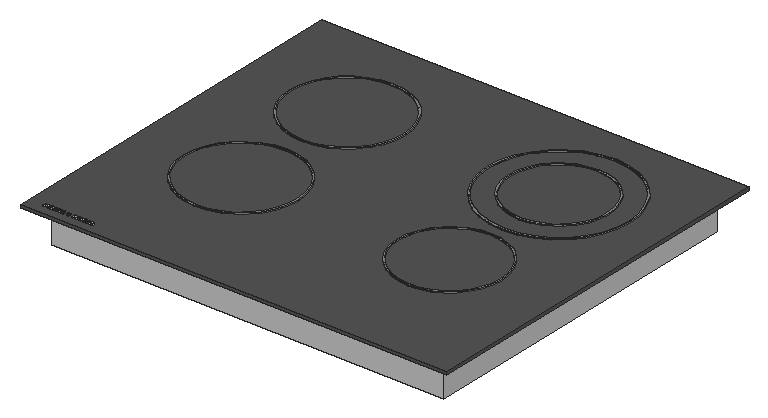
Revit family "FP_Revit_18_CE604DTB1_Cooktop_90000826A", category Specialty Equipment, Revit 2018
Family settings
  Round Connector Dimension = Use Diameter
  Part Type = Normal
  OmniClass Number = 23.40.40.14.17.11
  OmniClass Title = Cookers, Ovens, Stoves
  Work Plane-Based = No
  Always vertical = Yes
  Cut with Voids When Loaded = Yes
  Shared = No
  Room Calculation Point = No
Parameters
  Visibility - Clearance Required = yes
  URL = "www.fisherpaykel.com"
  Product - Width = 600 mm  # constant formula
  Product - Height = 63 mm  # constant formula
  Product - Depth = 530 mm  # constant formula
  Model = "CE604DTB1"
  Material - Graphics = Fisher & Paykel - Graphics Grey
  Material - Cooktop = Fisher & Paykel - Glass, Black
  Material - Body = Fisher & Paykel - Grey
  Manufacturer = "Fisher & Paykel Appliances"
  FFL Offset [instance] = 900 mm
  Description = "60cm Electric Cooktop"
  Connector Note - Electrical = "220-240/380-415 V, 2 Phase, 50 Hz, 28 A"
  Clearance - Side Combustible = 85 mm  # constant formula
  Clearance - Rear Combustible = 55 mm  # constant formula
  Clearance - Overhead Rangehood = 650 mm  # constant formula
  Clearance - Below Combustible = 68 mm  # constant formula
  Chassis - Width = 552 mm  # constant formula
  Chassis - Height = 48 mm  # constant formula
  Chassis - Depth = 480 mm  # constant formula
  Cavity - Width = 560 mm  # constant formula
  Cavity - Height = 58 mm  # constant formula
  Cavity - Depth = 490 mm  # constant formula
Reference planes
  plane 1 "Datum": y = 0
  plane 2: z = 0
  plane 3 "Center (Left/Right)": x = 0
  plane 4 "Product LHS": x = -300
  plane 5 "Product RHS": x = 300
  plane 6 "Product - Depth": y = 530
  plane 7 "Cavity LHS": x = -280
  plane 8 "Cavity RHS": x = 280
  plane 9 "Chassis - Front": y = 25
  plane 10 "Cavity - Front": y = 20
  plane 11 "Cavity - Depth": y = 510
  plane 12 "Chassis - Depth": y = 505
  plane 13 "Cavity - Height": z = 842
  plane 14 "Basepan": z = 852
  plane 15 "Glass": z = 905
  plane 16 "Benchtop": z = 900
Forms (mm)
  Extrusion 1, solid, material "Fisher & Paykel - Glass, Black" <- "Material - Cooktop"
    sketch origin (0, 0, 0) x (0, 1, 0) y (0, 0, 1)
      loop
        line (0, 905) -> (0, 901) -> (530, 901) -> (530, 905) -> (0, 905)
    from -300 to 300
  Extrusion 2, solid, material "Fisher & Paykel - Clearance Required (Cutout)", visible <- "Visibility - Clearance Required", detail levels coarse
    sketch origin (0, 0, 0) x (1, 0, 0) y (0, 1, 0)
      loop
        line (-280, 510) -> (-280, 22.5) -> (280, 22.5) -> (280, 510) -> (-280, 510)
    from 842 to 900
  Extrusion 3, solid, material "Fisher & Paykel - Clearance Required (Combustible)", visible <- "Visibility - Clearance Required", detail levels coarse
    sketch origin (0, 0, 0) x (1, 0, 0) y (0, 1, 0)
      loop
        line (300, 0) -> (365, 0) -> (365, 538.387) -> (-365, 538.387) -> (-365, 0) -> (-300, 0) -> (-300, 530) -> (300, 530) -> (300, 0)
    from 905 to 1355
  Extrusion 4, solid, material "Fisher & Paykel - Clearance Required (Non-Combustible)", visible <- "Visibility - Clearance Required", detail levels coarse
    sketch origin (0, 0, 0) x (1, 0, 0) y (0, 1, 0)
      loop
        line (-300, 0) -> (300, 0) -> (300, 530) -> (-300, 530) -> (-300, 0)
    from 905 to 1550
  Extrusion 5, solid, material "Fisher & Paykel - Grey" <- "Material - Body"
    sketch origin (0, 0, 0) x (0, 1, 0) y (0, 0, 1)
      loop
        line (25, 852) -> (505, 852) -> (505, 900) -> (25, 900) -> (25, 852)
    from -276 to 276
  Extrusion 6, solid, material "Fisher & Paykel - Grey" <- "Material - Body"
    sketch origin (0, 0, 0) x (1, 0, 0) y (0, 1, 0)
      loop
        line (-290.5, 524.5) -> (-290.5, 5.5) -> (290.5, 5.5) -> (290.5, 524.5) -> (-290.5, 524.5)
    from 900 to 901
  Extrusion 7, solid, material "Fisher & Paykel - Graphics Grey" <- "Material - Graphics", detail levels fine
    sketch origin (0, 0, 0) x (1, 0, 0) y (0, 1, 0)
      loop
        circle (145.719, 198.02) r 73.269
      loop
        circle (145.719, 198.02) r 71.492
      loop
        circle (148.151, 386.629) r 99.946
      loop
        circle (148.151, 386.629) r 97.887
      loop
        circle (148.151, 386.629) r 68.003
      loop
        circle (148.151, 386.629) r 70.147
      loop
        circle (-148.151, 385.013) r 79
      loop
        circle (-148.151, 385.013) r 80.775
      loop
        circle (-148.139, 198.01) r 80.784
      loop
        circle (-148.139, 198.01) r 79
    from 905 to 906
  Extrusion 8, solid, material "Fisher & Paykel - Grey" <- "Material - Body"
    sketch origin (0, 0, 0) x (1, 0, 0) y (0, 1, 0)
      loop
        line (-10.386, 342.521) -> (59.614, 342.521) -> (59.614, 392.521) -> (-10.386, 392.521) -> (-10.386, 342.521)
    from 842 to 852
  Extrusion 9, void
    sketch origin (0, 0, 0) x (0, 1, 0) y (0, 0, 1)
      loop
        circle (367.521, 847) r 4
    from -10.386 to 10
  Extrusion 10, solid, material "Fisher & Paykel - Clearance Required (Cutout)", visible <- "Visibility - Clearance Required", detail levels coarse
    sketch origin (0, 0, 0) x (1, 0, 0) y (0, 1, 0)
      loop
        line (-280, 510) -> (-280, 22.5) -> (280, 22.5) -> (280, 510) -> (-280, 510)
    from 837 to 842
  Extrusion 11, void
    sketch origin (0, 0, 0) x (1, 0, 0) y (0, 1, 0)
      loop
        line (-280, 510) -> (-280, 22.5) -> (280, 22.5) -> (280, 510) -> (-280, 510)
    from 837 to 900
Cuts and joins
  Extrusion 9 cuts Extrusion 2
  Extrusion 9 cuts Extrusion 8
Text (mm)
  text "Due to ongoing product development, product details are subject to change without notice. \nPlease always refer to www.fisherpaykel.com for the most current product information. \n© Fisher & Paykel 2020" at (41.04, -387.478, 0), in view "Ref. Level (Plan)"
Dimensions and locks
  equal spacing: plane 4 "Product LHS", plane 3 "Center (Left/Right)", plane 5 "Product RHS"
  equal spacing: plane 7 "Cavity LHS", plane 3 "Center (Left/Right)", plane 8 "Cavity RHS"
  "Product - Depth": Extrusion 1 to plane 1 "Datum"
  equal spacing: Extrusion 5, plane 3 "Center (Left/Right)", Extrusion 5
  "Clearance - Side Combustible": plane 8 "Cavity RHS" to Extrusion 3
  "Clearance - Side Combustible": Extrusion 3 to plane 7 "Cavity LHS"
  equal spacing: Extrusion 6 sketch curve, plane 3 "Center (Left/Right)", Extrusion 6 sketch curve
  plane 4 "Product LHS" to Extrusion 6 sketch curve = 9.5 mm
  "Product - Width": plane 4 "Product LHS" to plane 5 "Product RHS"
  "Cavity - Width": plane 7 "Cavity LHS" to plane 8 "Cavity RHS"
  "Chassis - Width": Extrusion 5 to Extrusion 5
  "Cavity - Depth": plane 11 "Cavity - Depth" to plane 10 "Cavity - Front"
  "Chassis - Depth": plane 12 "Chassis - Depth" to plane 9 "Chassis - Front"
  plane 1 "Datum" to Extrusion 5 = 25 mm
  plane 6 "Product - Depth" to plane 12 "Chassis - Depth" = 25 mm
  plane 10 "Cavity - Front" to plane 9 "Chassis - Front" = 5 mm
  plane 11 "Cavity - Depth" to plane 12 "Chassis - Depth" = 5 mm
  "Chassis - Height": plane 16 "Benchtop" to plane 14 "Basepan"
  plane 15 "Glass" to plane 16 "Benchtop" = 5 mm
  "Cavity - Height": plane 16 "Benchtop" to plane 13 "Cavity - Height"
  "FFL Offset": plane 16 "Benchtop" to level
  locked: Extrusion 3 to plane 15 "Glass" at 450
  "Clearance - Overhead Rangehood": Extrusion 4 to plane 16 "Benchtop"
  Extrusion 9 sketch curve to Extrusion 5 = 5 mm
  locked: plane 15 "Glass" to Extrusion 1 sketch curve at 4
  locked: Extrusion 7 to plane 15 "Glass" at 1
  locked: nested 1 to plane 15 "Glass" at 0.8
  "Clearance - Below Combustible": Extrusion 10 to plane 15 "Glass"
  aligned and locked: level to plane 2
  aligned and locked: Extrusion 1 to plane 5 "Product RHS"
  aligned and locked: plane 4 "Product LHS" to Extrusion 1
  aligned and locked: Extrusion 3 sketch curve to plane 5 "Product RHS"
  aligned and locked: plane 11 "Cavity - Depth" to Extrusion 2
  aligned and locked: Extrusion 2 to plane 13 "Cavity - Height"
  aligned and locked: Extrusion 8 to Extrusion 5
  aligned and locked: Extrusion 4 to plane 15 "Glass"
  aligned and locked: Extrusion 3 to Extrusion 4
  aligned and locked: plane 16 "Benchtop" to Extrusion 2
  aligned and locked: cut or joined group of Extrusion 2, Extrusion 9 to Extrusion 5
  aligned and locked: Extrusion 5 to plane 14 "Basepan"
  aligned and locked: Extrusion 8 to plane 13 "Cavity - Height"
  aligned and locked: Extrusion 1 sketch curve to plane 15 "Glass"
  aligned and locked: Extrusion 6 to Extrusion 5
  aligned and locked: Extrusion 6 to Extrusion 1
  aligned and locked: Extrusion 7 to Extrusion 1
  aligned and locked: plane 13 "Cavity - Height" to Extrusion 10
  aligned and locked: Extrusion 11 to Extrusion 5
  aligned and locked: Extrusion 11 to Extrusion 10
Automatic sketch dimensions
  Extrusion 1 sketch curve to plane 1 "Datum" = 0 mm
  Extrusion 1 sketch curve to plane 6 "Product - Depth" = 0 mm
  Extrusion 2 sketch curve to plane 11 "Cavity - Depth" = 0 mm
  plane 7 "Cavity LHS" to Extrusion 2 sketch curve = 0 mm
  Extrusion 2 sketch curve to plane 8 "Cavity RHS" = 0 mm
  plane 9 "Chassis - Front" to Extrusion 2 sketch curve = 2.5 mm
  plane 1 "Datum" to Extrusion 3 sketch curve = 0 mm  (x2)
  Extrusion 3 sketch curve to plane 4 "Product LHS" = 0 mm
  Extrusion 3 sketch curve to plane 6 "Product - Depth" = 0 mm
  plane 6 "Product - Depth" to Extrusion 3 sketch curve = 8.387 mm
  plane 4 "Product LHS" to Extrusion 3 sketch curve = 65 mm
  Extrusion 3 sketch curve to plane 5 "Product RHS" = 65 mm
  Extrusion 4 sketch curve to plane 4 "Product LHS" = 0 mm
  Extrusion 4 sketch curve to plane 5 "Product RHS" = 0 mm
  plane 1 "Datum" to Extrusion 4 sketch curve = 0 mm
  Extrusion 4 sketch curve to plane 6 "Product - Depth" = 0 mm
  Extrusion 5 sketch curve to plane 9 "Chassis - Front" = 0 mm
  Extrusion 5 sketch curve to plane 12 "Chassis - Depth" = 0 mm
  Extrusion 5 sketch curve to plane 14 "Basepan" = 0 mm
  Extrusion 5 sketch curve to plane 16 "Benchtop" = 0 mm
  Extrusion 6 sketch curve to plane 1 "Datum" = 5.5 mm
  Extrusion 6 sketch curve to plane 6 "Product - Depth" = 5.5 mm
  Extrusion 8 sketch curve to plane 3 "Center (Left/Right)" = 10.386 mm
  plane 3 "Center (Left/Right)" to Extrusion 8 sketch curve = 59.614 mm
  Extrusion 8 sketch curve to plane 12 "Chassis - Depth" = 162.479 mm
  Extrusion 8 sketch curve to Extrusion 8 sketch curve = 50 mm
  Extrusion 9 sketch curve to plane 12 "Chassis - Depth" = 137.479 mm
  Extrusion 10 sketch curve to plane 11 "Cavity - Depth" = 0 mm
  plane 7 "Cavity LHS" to Extrusion 10 sketch curve = 0 mm
  Extrusion 10 sketch curve to plane 8 "Cavity RHS" = 0 mm
  plane 9 "Chassis - Front" to Extrusion 10 sketch curve = 2.5 mm
  Extrusion 11 sketch curve to plane 11 "Cavity - Depth" = 0 mm
  plane 7 "Cavity LHS" to Extrusion 11 sketch curve = 0 mm
  Extrusion 11 sketch curve to plane 8 "Cavity RHS" = 0 mm
  plane 9 "Chassis - Front" to Extrusion 11 sketch curve = 2.5 mm
  Extrusion 7 sketch curve to Extrusion 7 sketch curve = 0 mm  (x12)
  Extrusion 7 sketch curve to plane 3 "Center (Left/Right)" = 148.151 mm
  Extrusion 7 sketch curve to plane 3 "Center (Left/Right)" = 148.139 mm
  plane 8 "Cavity RHS" to Extrusion 7 sketch curve = 134.281 mm
  plane 8 "Cavity RHS" to Extrusion 7 sketch curve = 131.849 mm
  Extrusion 7 sketch curve to plane 9 "Chassis - Front" = 173.01 mm
  Extrusion 7 sketch curve to plane 9 "Chassis - Front" = 173.02 mm
  Extrusion 7 sketch curve to plane 12 "Chassis - Depth" = 118.371 mm
  Extrusion 7 sketch curve to plane 12 "Chassis - Depth" = 119.987 mm
  radius of Extrusion 9 sketch curve = 4 mm
  radius of Extrusion 7 sketch curve = 73.269 mm
  radius of Extrusion 7 sketch curve = 71.492 mm
  radius of Extrusion 7 sketch curve = 99.946 mm
  radius of Extrusion 7 sketch curve = 97.887 mm
  radius of Extrusion 7 sketch curve = 70.147 mm
  radius of Extrusion 7 sketch curve = 80.775 mm
  radius of Extrusion 7 sketch curve = 80.784 mm
  radius of Extrusion 7 sketch curve = 79 mm  (x2)
  radius of Extrusion 7 sketch curve = 68.003 mm
Nested families
  nested 1: "F&P Logo 70mm Horizontal" at (-244.001, 14.253, 905), type "F&P Logo 70mm Horizontal"
Connectors
  electrical at (-10.386, 367.521, 847), driven by "Connector Note - Electrical"
    settings: on cut or joined group of Extrusion 2, Extrusion 9, index 1, voltage 230 V, apparent load 0 VA, apparent load phase1 0 VA, apparent load phase2 0 VA, apparent load phase3 0 VA, power factor 1, load classification "Other", number of poles 1, system type 30, power factor state 1, is connector primary yes, connector utility no, sub classification motor no, connector description "220-240/380-415 V, 2 Phase, 50 Hz, 28 A"
Definition of nested family "F&P Logo 70mm Horizontal"
  Parameters (values of type "F&P Logo 70mm Horizontal")
    URL = "www.fisherpaykel.com"
    Material - Logo = none
    Manufacturer = "Fisher & Paykel Appliances"
  Reference planes
    plane 1 "Center (Front/Back)": y = 0
    plane 2: z = 0
    plane 3 "Center (Left/Right)": x = 0
  Forms (mm)
    Extrusion 1, solid, material <- "Material - Logo", detail levels fine
      sketch origin (0, 0, 0) x (1, 0, 0) y (0, 1, 0)
        loop
          line (-34.997, -0.356) -> (-33.895, -0.356) -> (-33.895, 1.141) -> (-32.174, 1.141) -> (-32.174, 2.075) -> (-33.895, 2.075) -> (-33.895, 2.943) -> (-32.023, 2.943) -> (-32.023, 3.872) -> (-34.997, 3.872) -> (-34.997, -0.356)
        loop
          line (-29.929, 3.872) -> (-29.929, -0.356) -> (-28.828, -0.356) -> (-28.828, 3.872) -> (-29.929, 3.872)
        loop
          line (-21.473, 3.872) -> (-21.473, -0.356) -> (-20.372, -0.356) -> (-20.372, 1.338) -> (-18.754, 1.338) -> (-18.754, -0.356) -> (-17.652, -0.356) -> (-17.652, 3.872) -> (-18.754, 3.872) -> (-18.754, 2.268) -> (-20.372, 2.268) -> (-20.372, 3.872) -> (-21.473, 3.872)
        loop
          line (-15.301, 3.872) -> (-15.301, -0.356) -> (-12.288, -0.356) -> (-12.288, 0.444) -> (-14.209, 0.444) -> (-14.209, 1.338) -> (-12.453, 1.338) -> (-12.453, 2.268) -> (-14.209, 2.268) -> (-14.209, 3.072) -> (-12.288, 3.072) -> (-12.288, 3.872) -> (-15.301, 3.872)
        loop
          line (32, 3.872) -> (32, -0.356) -> (35.003, -0.356) -> (35.003, 0.574) -> (33.102, 0.574) -> (33.102, 3.872) -> (32, 3.872)
        loop
          line (29.735, 3.872) -> (26.712, 3.872) -> (26.712, -0.356) -> (29.735, -0.356) -> (29.735, 0.444) -> (27.814, 0.444) -> (27.814, 1.338) -> (29.57, 1.338) -> (29.57, 2.268) -> (27.814, 2.268) -> (27.814, 3.072) -> (29.735, 3.072) -> (29.735, 3.872)
        loop
          line (23.449, 1.848) -> (25.012, 3.872) -> (23.724, 3.872) -> (22.374, 2.124) -> (22.374, 3.872) -> (21.273, 3.872) -> (21.273, -0.356) -> (22.374, -0.356) -> (22.374, 1.538) -> (23.765, -0.356) -> (25.067, -0.356) -> (23.449, 1.848)
        loop
          line (15.42, 3.872) -> (17.017, 1.338) -> (17.017, -0.356) -> (18.119, -0.356) -> (18.119, 1.283) -> (19.717, 3.872) -> (18.546, 3.872) -> (17.603, 2.239) -> (16.66, 3.872) -> (15.42, 3.872)
        loop
          line (12.969, 3.872) -> (11.922, 3.872) -> (10.2, -0.356) -> (11.282, -0.356) -> (11.585, 0.422) -> (13.278, 0.422) -> (13.581, -0.356) -> (14.69, -0.356) -> (12.969, 3.872)
        loop
          line (12.913, 1.352) -> (12.419, 2.566) -> (11.946, 1.352) -> (12.913, 1.352)
        loop
          line (5.556, 3.872) -> (5.556, -0.356) -> (6.653, -0.356) -> (6.653, 1.001) -> (7.453, 1.001)
          spline (7.453, 1.001) -> (7.884, 1.05) -> (8.285, 1.193) -> (8.63, 1.421) -> (8.895, 1.719) -> (9.061, 2.065) -> (9.118, 2.436) -> (9.061, 2.808) -> (8.895, 3.154) -> (8.63, 3.452) -> (8.285, 3.68) -> (7.884, 3.823) -> (7.453, 3.872)
          line (7.453, 3.872) -> (5.556, 3.872)
        loop
          spline (7.385, 1.882) -> (7.558, 1.9) -> (7.72, 1.953) -> (7.858, 2.037) -> (7.965, 2.147) -> (8.032, 2.275) -> (8.055, 2.412) -> (8.032, 2.55) -> (7.965, 2.677) -> (7.858, 2.787) -> (7.72, 2.872) -> (7.558, 2.924) -> (7.385, 2.943)
          line (7.385, 2.943) -> (6.585, 2.943) -> (6.585, 1.882) -> (7.385, 1.882)
        loop
          line (-8.294, 2.943) -> (-9.094, 2.943) -> (-9.094, 1.781) -> (-8.294, 1.781)
          spline (-8.294, 1.781) -> (-8.121, 1.801) -> (-7.96, 1.859) -> (-7.822, 1.951) -> (-7.716, 2.072) -> (-7.649, 2.212) -> (-7.626, 2.362) -> (-7.649, 2.512) -> (-7.716, 2.652) -> (-7.822, 2.772) -> (-7.96, 2.865) -> (-8.121, 2.923) -> (-8.294, 2.943)
        loop
          line (-8.214, 3.872) -> (-10.262, 3.872) -> (-10.262, -0.356) -> (-9.094, -0.356) -> (-9.094, 0.492) -> (-8.294, 0.492) -> (-7.647, -0.356) -> (-6.373, -0.356) -> (-7.445, 1.016)
          spline (-7.445, 1.016) -> (-7.148, 1.205) -> (-6.902, 1.45) -> (-6.72, 1.739) -> (-6.611, 2.058) -> (-6.58, 2.391) -> (-6.628, 2.723) -> (-6.754, 3.037) -> (-6.95, 3.317) -> (-7.208, 3.551) -> (-7.515, 3.726) -> (-7.856, 3.835) -> (-8.214, 3.872)
        loop
          line (0.368, 2.943) -> (0.368, 3.951) -> (-2.559, 3.951) -> (-2.559, 3.151) -> (-2.048, 2.522)
          spline (-2.048, 2.522) -> (-2.373, 2.187) -> (-2.606, 1.789) -> (-2.731, 1.355) -> (-2.74, 0.914) -> (-2.632, 0.497) -> (-2.414, 0.133) -> (-2.102, -0.155) -> (-1.716, -0.347) -> (-1.283, -0.429) -> (-0.832, -0.395) -> (-0.395, -0.249) -> (0, 0)
          line (0, 0) -> (0.504, -0.621) -> (1.644, -0.621) -> (0.602, 0.712) -> (1.591, 2.137) -> (0.459, 2.137) -> (0.003, 1.48) -> (-1.14, 2.943) -> (0.368, 2.943)
        loop
          spline (-1.353, 1.874) -> (-1.563, 1.673) -> (-1.729, 1.449) -> (-1.839, 1.217) -> (-1.886, 0.992) -> (-1.867, 0.792) -> (-1.783, 0.627) -> (-1.639, 0.511) -> (-1.447, 0.451) -> (-1.218, 0.451) -> (-0.968, 0.512) -> (-0.714, 0.628) -> (-0.475, 0.792)
          line (-0.475, 0.792) -> (-1.353, 1.874)
        loop
          arc (-25.449, 3.004) -> (-24.591, 2.949) -> (-23.808, 2.592) r 2.379
          line (-23.808, 2.592) -> (-23.808, 3.586)
          arc (-23.808, 3.586) -> (-24.619, 3.915) -> (-25.494, 3.936) r 2.437
          arc (-25.494, 3.936) -> (-26.617, 2.99) -> (-26.18, 1.588) r 1.327
          arc (-26.18, 1.588) -> (-25.746, 1.367) -> (-25.276, 1.236) r 2.46
          spline (-25.276, 1.236) -> (-25.124, 1.211) -> (-24.98, 1.158) -> (-24.856, 1.083) -> (-24.761, 0.989) -> (-24.703, 0.886) -> (-24.686, 0.78) -> (-24.713, 0.681) -> (-24.78, 0.596) -> (-24.882, 0.532) -> (-25.011, 0.494) -> (-25.158, 0.485) -> (-25.311, 0.505)
          arc (-25.311, 0.505) -> (-26.045, 0.647) -> (-26.714, 0.98) r 2.761
          line (-26.714, 0.98) -> (-26.714, -0.067)
          arc (-26.714, -0.067) -> (-25.66, -0.377) -> (-24.564, -0.318) r 3.237
          arc (-24.564, -0.318) -> (-23.597, 0.72) -> (-24.205, 2.002) r 1.263
          arc (-24.205, 2.002) -> (-24.834, 2.249) -> (-25.488, 2.42) r 5.78
          spline (-25.488, 2.42) -> (-25.537, 2.449) -> (-25.58, 2.49) -> (-25.615, 2.541) -> (-25.639, 2.6) -> (-25.653, 2.664) -> (-25.654, 2.73) -> (-25.644, 2.795) -> (-25.622, 2.856) -> (-25.59, 2.909) -> (-25.549, 2.953) -> (-25.502, 2.985) -> (-25.449, 3.004)
      from 0 to 0.8
  Dimensions and locks
    Extrusion 1 sketch curve to Extrusion 1 sketch curve = 70 mm
    aligned and locked: level to plane 2
